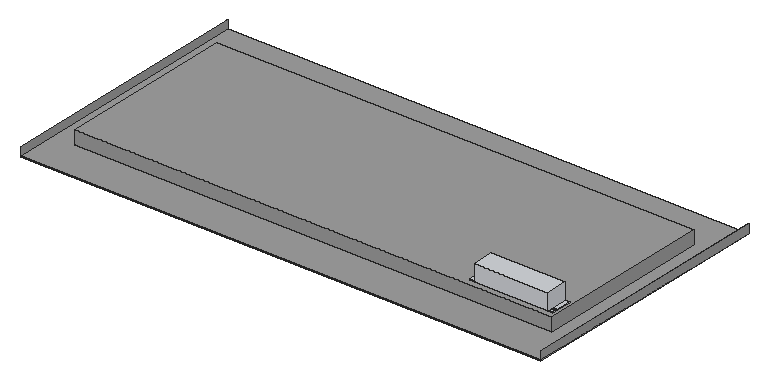
Revit family "Lay-In Ceiling Heaters", category Mechanical Equipment, host Ceiling, Revit 2017
Family settings
  Host = Ceiling
  Round Connector Dimension = Use Diameter
  Part Type = Normal
  OmniClass Number = 23.75.00.00
  OmniClass Title = Climate Control (HVAC)
  Always vertical = No
  Cut with Voids When Loaded = No
  Shared = No
  Room Calculation Point = No
Parameters (values of type "1648CL - 120V")
  Width = 1' - 11 3/4"
  Watts = 1250 W
  Voltage = 120 V
  URL = "http://electricheat.com/"
  Type Image = ""
  Total Heating Capacity = 2134 Btu/s
  Surface Mount = yes
  Semi Recess Mount = no
  Recess Mount = no
  Product Page URL = "http://electricheat.com/products/ceiling-heater-lay-in"  # constant formula
  Product Name = "LAY-IN CEILING HEATER"  # constant formula
  Product Documentation Link = "http://192.185.145.162/~electricheat/wp-content/uploads/2015/09/1624CL-Cut-Sheet-9.2015.pdf"  # constant formula
  Power Factor = 0
  Phase = 1
  Panel = Default
  Number of Poles = 1
  Mounting Depth = 0' - 0"
  Modeled By = "Smith LaRock Architecture | www.slarc.com"  # constant formula
  Manufacturer = "CeramicCircuit Infrared Radiant Heaters"  # constant formula
  Length = 3' - 11 3/4"
  Height 2 = 0' - 2 3/4"
  Height 1 = 0' - 1 1/4"
  Frequency = 0 Hz
  Frame = Default
  Contact = "1-800-774-4450 or sales@electricheat.com"  # constant formula
  Apparent Load = 0 VA
  Amps = 10.4 A
Types (12): name | Width | Watts | Voltage | Panel | Length | Frame | Amps
  1624CL - 120V | 1' - 11 3/4" | 625 W | 120 V | none | 1' - 11 3/4" | none | 5.2 A
  1624CL - 208V | 1' - 11 3/4" | 625 W | 208 V | none | 1' - 11 3/4" | none | 3 A
  1624CL - 240V | 1' - 11 3/4" | 625 W | 240 V | none | 1' - 11 3/4" | none | 2.6 A
  1624CL - 277V | 1' - 11 3/4" | 625 W | 277 V | Default | 1' - 11 3/4" | Default | 2.3 A
  1648CL - 277V | 1' - 11 3/4" | 1250 W | 277 V | Default | 3' - 11 3/4" | Default | 4.6 A
  1648CL - 120V | 1' - 11 3/4" | 1250 W | 120 V | Default | 3' - 11 3/4" | Default | 10.4 A
  1648CL - 208V | 1' - 11 3/4" | 1250 W | 208 V | Default | 3' - 11 3/4" | Default | 6 A
  1648CL - 240V | 1' - 11 3/4" | 1250 W | 240 V | Default | 3' - 11 3/4" | Default | 5.2 A
  1248CL - 277V | 0' - 11 3/4" | 750 W | 277 V | Default | 3' - 11 3/4" | Default | 2.7 A
  1248CL - 120V | 0' - 11 3/4" | 750 W | 120 V | Default | 3' - 11 3/4" | Default | 6.3 A
  1248CL - 208V | 0' - 11 3/4" | 750 W | 208 V | Default | 3' - 11 3/4" | Default | 3.6 A
  1248CL - 240V | 0' - 11 3/4" | 750 W | 240 V | Default | 3' - 11 3/4" | Default | 3.1 A
Reference planes (in)
  plane 1 "Center (Front/Back)": y = 1.64038
  plane 2: z = 0
  plane 3 "Center (Left/Right)": x = -7.92284
  plane 4 "Ceiling": z = 157.48031
  plane 5: x = -31.79784
  plane 6: y = -10.23462
  plane 7: x = 15.95216
  plane 8: y = 13.51538
Forms (in)
  Extrusion 1, solid, material "Default" <- "Frame"
    sketch origin (0, 0, 157.48031) x (0, 1, 0) y (-1, 0, 0)
      loop
        line (13.51538, 31.79784) -> (-10.23462, 31.79784) -> (-10.23462, -15.95216) -> (13.51538, -15.95216) -> (13.51538, 31.79784)
      loop
        line (9.76538, 29.79784) -> (-6.48462, 29.79784) -> (-6.48462, -13.95216) -> (9.76538, -13.95216) -> (9.76538, 29.79784)
    from 0 to -0.03125
  Extrusion 2, solid, material "Default" <- "Panel"
    sketch origin (0, 0, 157.48031) x (0, 1, 0) y (-1, 0, 0)
      loop
        line (9.76538, 29.79784) -> (-6.48462, 29.79784) -> (-6.48462, -13.95216) -> (9.76538, -13.95216) -> (9.76538, 29.79784)
    from 0 to 1.25
  Extrusion 3, solid, material "Default" <- "Frame"
    sketch origin (0, 0, 157.48031) x (0, 1, 0) y (-1, 0, 0)
      loop
        line (-10.23462, -15.92091) -> (-10.23462, -15.95216) -> (13.51538, -15.95216) -> (13.51538, -15.92091) -> (-10.23462, -15.92091)
      loop
        line (13.51538, 31.79784) -> (-10.23462, 31.79784) -> (-10.23462, 31.76659) -> (13.51538, 31.76659) -> (13.51538, 31.79784)
    from 0 to 0.75567
Lines and regions (in)
  Opening 1
    outline origin (0, 0, 157.48031) x (1, 0, 0) y (0, 1, 0)
      loop
        line (15.95216, 13.51538) -> (-31.79784, 13.51538) -> (-31.79784, -10.23462) -> (15.95216, -10.23462) -> (15.95216, 13.51538)
  model lines
    curve 1: line (-29.79784, 9.76538, 157.48031) -> (-29.79784, 10.51538, 157.48031)
    curve 2: line (-29.79784, 10.51538, 157.48031) -> (13.95216, 10.51538, 157.48031)
    curve 3: line (13.95216, 10.51538, 157.48031) -> (13.95216, 9.76538, 157.48031)
    curve 4: line (13.95216, 9.76538, 157.48031) -> (14.70216, 9.76538, 157.48031)
    curve 5: line (14.70216, 9.76538, 157.48031) -> (14.70216, -6.48462, 157.48031)
    curve 6: line (13.95216, -6.48462, 157.48031) -> (14.70216, -6.48462, 157.48031)
    curve 7: line (-29.79784, -6.48462, 157.48031) -> (-29.79784, -7.23462, 157.48031)
    curve 8: line (-29.79784, -7.23462, 157.48031) -> (13.95216, -7.23462, 157.48031)
    curve 9: line (13.95216, -7.23462, 157.48031) -> (13.95216, -6.48462, 157.48031)
    curve 10: line (-29.79784, 9.76538, 157.48031) -> (-30.54784, 9.76538, 157.48031)
    curve 11: line (-30.54784, 9.76538, 157.48031) -> (-30.54784, -6.48462, 157.48031)
    curve 12: line (-29.79784, -6.48462, 157.48031) -> (-30.54784, -6.48462, 157.48031)
Dimensions and locks (in)
  equal spacing: host sketch curve, plane 3 "Center (Left/Right)", host sketch curve
  equal spacing: host sketch curve, plane 1 "Center (Front/Back)", host sketch curve
  host sketch curve to host sketch curve = 13' - 1.48031"  (x2)
  locked: plane 4 "Ceiling" to host ceiling at 0
  equal spacing: plane 8, plane 1 "Center (Front/Back)", plane 6
  equal spacing: plane 5, plane 3 "Center (Left/Right)", plane 7
  "Length": plane 5 to plane 7
  "Width": plane 8 to plane 6
  nested 1 to Extrusion 1 = 0' - 0 1/2"
  nested 1 to Extrusion 2 = 0' - 0 3/4"
  locked: Extrusion 2 to nested 1 at 0.5
  locked: Extrusion 2 to nested 1 at 0.75
  aligned and locked: plane 8 to Extrusion 1 sketch curve
  aligned and locked: Extrusion 1 sketch curve to plane 5
  aligned and locked: Extrusion 1 sketch curve to plane 6
  aligned and locked: Extrusion 1 sketch curve to plane 7
  aligned and locked: Extrusion 2 sketch curve to Extrusion 1  (x4)
Automatic sketch dimensions
  plane 6 to Extrusion 1 sketch curve = 0' - 3 3/4"
  Extrusion 1 sketch curve to plane 8 = 0' - 3 3/4"
  plane 7 to Extrusion 1 sketch curve = 0' - 2"
  plane 5 to Extrusion 1 sketch curve = 0' - 2"
  plane 6 to curve 8 = 0' - 3"
  curve 8 to curve 9 = 0' - 0 3/4"
  curve 7 to curve 11 = 0' - 0 3/4"
  plane 7 to curve 5 = 0' - 1 1/4"
  curve 5 to plane 8 = 0' - 3 3/4"
  plane 5 to curve 11 = 0' - 1 1/4"
  curve 11 to plane 8 = 0' - 3 3/4"
  curve 10 to curve 2 = 0' - 0 3/4"
  curve 4 to curve 3 = 0' - 0 3/4"
  curve 5 to curve 8 = 0' - 0 3/4"
  curve 7 to curve 12 = 0' - 0 3/4"
  curve 2 to curve 10 = 0' - 0 3/4"
  Opening 1 sketch curve to plane 5 = 0' - 0"
  Opening 1 sketch curve to plane 6 = 0' - 0"
  Opening 1 sketch curve to plane 7 = 0' - 0"
  Opening 1 sketch curve to plane 8 = 0' - 0"
  Extrusion 1 to Extrusion 3 sketch curve = 0' - 0"
  Extrusion 3 sketch curve to Extrusion 1 = 0' - 0"  (x5)
  Extrusion 3 sketch curve to Extrusion 1 = 0' - 0 1/32"  (x2)
Nested families (in)
  nested 1: "Rev D Wire Cover" at (9.82716, -5.03149, 158.73031) x (-1, 0, 0) z (0, 0, 1), type "Rev D Wire Cover"
Connectors (in)
  electrical at (6.45216, -5.03149, 159.48031), driven by "Voltage", driven by "Apparent Load", driven by "Number of Poles", driven by "Power Factor"
    settings: on nested 1, index 1, voltage 120 V, apparent load 0 VA, apparent load phase1 0 VA, apparent load phase2 0 VA, apparent load phase3 0 VA, power factor 0, load classification "Other", number of poles 1, system type 31, power factor state 1, is connector primary yes, connector utility no, sub classification motor no, connector description ""
Definition of nested family "Rev D Wire Cover"
  Parameters
    Default Elevation = 4' - 0"
  Reference planes (in)
    plane 1 "Center (Front/Back)": y = 0
    plane 2: z = 0
    plane 3 "Center (Left/Right)": x = 0
  Forms (in)
    Extrusion 1, solid
      sketch origin (0, 0, 0) x (1, 0, 0) y (0, 1, 0)
        loop
          line (-3.375, 0.95312) -> (-3.375, -0.95312) -> (3.375, -0.95312) -> (3.375, 0.95312) -> (-3.375, 0.95312)
      from 0 to 1.5
    Extrusion 2, solid
      sketch origin (0, 0, 0) x (1, 0, 0) y (0, 1, 0)
        loop
          line (-3.375, 0.95312) -> (-3.83594, 0.95313) -> (-3.83594, 0.72266) -> (-3.60547, 0.72266)
          arc (-3.60547, 0.72266) -> (-3.49023, 0.60742) -> (-3.60547, 0.49219) r 0.11523
          line (-3.60547, 0.49219) -> (-3.83594, 0.49219) -> (-3.83594, -0.95312) -> (-3.375, -0.95312) -> (-3.375, 0.95312)
      from 0 to 0.03906
    Extrusion 3, solid
      sketch origin (0, 0, 0) x (-1, 0, 0) y (0, -1, 0)
        loop
          line (-3.375, 0.95312) -> (-3.83594, 0.95313) -> (-3.83594, 0.72266) -> (-3.60547, 0.72266)
          arc (-3.60547, 0.72266) -> (-3.49023, 0.60742) -> (-3.60547, 0.49219) r 0.11523
          line (-3.60547, 0.49219) -> (-3.83594, 0.49219) -> (-3.83594, -0.95312) -> (-3.375, -0.95312) -> (-3.375, 0.95312)
      from 0 to 0.03906
  Lines and regions (in)
    model lines
      curve 1: circle (1.875, 0, 1.5) r 0.4375 normal (0, 0, 1)
      curve 2: circle (3.375, 0, 0.75) r 0.4375 normal (1, 0, 0)
      curve 3: circle (-3.375, 0, 0.75) r 0.4375 normal (-1, 0, 0)
